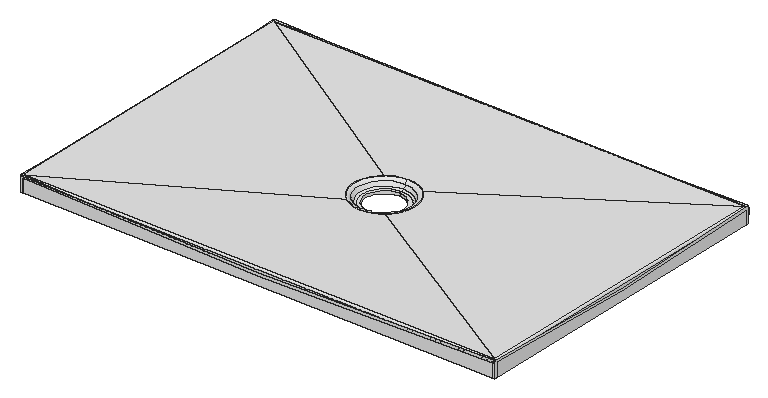
Revit family "BRG-B+æR-CAB-PLATO DUCHA_ Rub+¡ Plato de ducha delgado", category Modelos genéricos, Revit 2020
Family settings
  Anfitrión = Suelo
  Puede alojar armadura = No
  Cota de conector redondo = Diámetro de uso
  Tipo de pieza = Normal
  Siempre vertical = Sí
  Corte con vacíos al cargar = No
  Compartido = No
  Punto de cálculo de habitación = No
Parameters (values of type "RUBÍ PLATO DE DUCHA DELGADO")
  _EDESA_ Marca = "BRIGGS"
  _EDESA_ Garantía = "1 año"
  _EDESA_ Cumple normativa ADA = ""
  _EDESA_ Conexión hidráulica = "Salida de agua: tubería PVC 50"
  _EDESA_ Tipo de instalación = "Al piso"
  _EDESA_ Materiales = "Acrilico reforzado con fibra de vidrio con superficie antideslizante"
  _EDESA_ Sku/código = "SB0050671301M3"
  _EDESA_ Manual de Instalación = ""
  _EDESA_ Profundidad en cm = "80"
  _EDESA_ Productos necesarios para instalación = "Sifón"
  _EDESA_ Productos incluídos = "Desagüe"
  _EDESA_ Peso en kg = "17.0 kg"
  _EDESA_ Nombre = "RUBÍ PLATO DE DUCHA DELGADO"
  _EDESA_ Distancia de instalación en cm (muro terminado) = ""
  _EDESA_ Descripción = "Plato de ducha delgado."
  _EDESA_ Contacto comercial = "(02) 395 2900"
  _EDESA_ Consumo/capacidad de agua en L = ""
  _EDESA_ Color = "blanco"
  _EDESA_ Certificación = ""
  _EDESA_ Categoría = "Productos > Bañeras > Cabinas de Ducha"
  _EDESA_ Ancho en cm = "120"
  _EDESA_ Alto en cm = "4.5"
  URL = "https://www.briggs.com.ec/productos/fichastecnicaspdf/Briggs/Baneras/Rubi_plato_ducha.pdf"
  Modelo = "RUBÍ PLATO DE DUCHA DELGADO"
  Fabricante = "BRIGGS"
  Elevación por defecto = 0.00 m
Reference planes (m)
  plane 1 "Centro (Frontal/Posterior)": y = 0
  plane 2: z = 0
  plane 3 "Centro (Izquierda/Derecha)": x = 0
  plane 4: z = 0.251368
Dimensions and locks (m)
  aligned and locked: level to plane 2
  aligned and locked: nested 1 to plane 2
Nested families (m)
  nested 1: "Rubi plato" at (0, 0, 0), type "Rubi plato"
Connectors (m)
  piping at (0, 0, 0.006), diameter 0.0508
    settings: on nested 1, index 1, connector inside diameter 609.6 mm, connector length 0.00 m, flow factor 0, pipe flow 0.0 L/s, pressure drop 0.0 Pa, fitting loss kfactor 0, connector angle 0.00°, fixture units 0, engagement length 0.00 m, angle of deflection 0.00°, flow configuration 0, flow direction 2, fitting loss method 0, system type 7, joint type 0, gender type 0, connector reference index -1, connector utility 0, adjustable connector no, is connector primary yes, connector description ""
Definition of nested family "Rubi plato"
  Parameters (values of type "Rubi plato")
    Default Elevation = 0.00 m
  Reference planes (m)
    plane 1 "Centro (Frontal/Posterior)": y = 0
    plane 2: z = 0
    plane 3 "Centro (Izquierda/Derecha)": x = 0
  Forms (m)
    Extrusion 1, solid
      sketch origin (0, 0, 0) x (1, 0, 0) y (0, 0, 1)
        loop
          arc (-0.595, 0.04) -> (-0.598536, 0.038536) -> (-0.6, 0.035) r 0.005
          line (-0.6, 0.035) -> (-0.6, 0) -> (-0.594, 0) -> (-0.594, 0.033981) -> (0, 0.022665) -> (0.594, 0.033981) -> (0.594, 0) -> (0.6, 0) -> (0.6, 0.035)
          arc (0.6, 0.035) -> (0.598536, 0.038536) -> (0.595, 0.04) r 0.005
          line (0.595, 0.04) -> (0, 0.028667) -> (-0.595, 0.04)
      from -0.4 to 0.4
    Extrusion 2, solid
      sketch origin (0, 0, 0) x (0, 1, 0) y (0, 0, 1)
        loop
          line (0.394, 0) -> (0.4, 0) -> (0.4, 0.034998)
          arc (0.4, 0.034998) -> (0.39848, 0.038588) -> (0.394845, 0.039995) r 0.005
          line (0.394845, 0.039995) -> (0, 0.027746) -> (-0.394845, 0.039995)
          arc (-0.394845, 0.039995) -> (-0.39848, 0.038588) -> (-0.4, 0.034998) r 0.005
          line (-0.4, 0.034998) -> (-0.4, 0) -> (-0.394, 0) -> (-0.394, 0.033967) -> (0, 0.021743) -> (0.394, 0.033967) -> (0.394, 0)
      from -0.6 to 0.6
    Revolve 3, solid
      sketch origin (0, 0, 0) x (0, 1, 0) y (0, 0, 1)
        loop
          arc (-0.066645, 0.023961) -> (-0.070889, 0.02838) -> (-0.076763, 0.030127) r 0.012
          line (-0.076763, 0.030127) -> (-0.076949, 0.02413)
          arc (-0.076949, 0.02413) -> (-0.074012, 0.023256) -> (-0.07189, 0.021047) r 0.006
          line (-0.07189, 0.021047) -> (-0.066959, 0.012172)
          arc (-0.066959, 0.012172) -> (-0.062555, 0.007658) -> (-0.05647, 0.006) r 0.012
          line (-0.05647, 0.006) -> (-0.0475, 0.006) -> (-0.0475, 0.012) -> (-0.05647, 0.012)
          arc (-0.05647, 0.012) -> (-0.059512, 0.012829) -> (-0.061715, 0.015086) r 0.006
          line (-0.061715, 0.015086) -> (-0.066645, 0.023961)
        axis (0, 0.006) -> (0, 0.030127)
      angle from 0 to 360
    Extrusion 4, void
      sketch origin (0, 0.6, 0) x (1, 0, 0) y (0, 1, 0)
        loop
          circle (0, -0.6) r 0.076763
      from 0 to 0.25
  Cuts and joins
    Extrusion 4 cuts Extrusion 1
    Extrusion 4 cuts Extrusion 2
  Dimensions and locks (m)
    aligned and locked: level to plane 2
